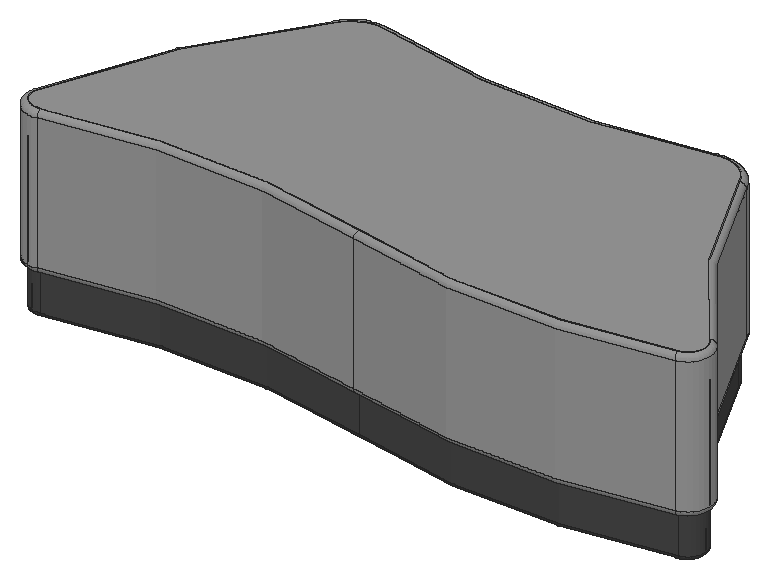
Revit family "16JS Creator Trapezoid Bench", category Generic Models, Revit 2018
Family settings
  Can host rebar = No
  Round Connector Dimension = Use Diameter
  Part Type = Normal
  Work Plane-Based = No
  Always vertical = Yes
  Cut with Voids When Loaded = No
  Shared = No
  Room Calculation Point = No
Parameters
  Fabric = 16JS Creator Trapezoid Fabric
Reference planes (in)
  plane 1 "Center (Front/Back)": y = 0
  plane 2: z = 0
  plane 3 "Center (Left/Right)": x = 0
Forms (in)
  Extrusion 1, solid, material "16JS Creator Trapezoid Fabric" <- "Fabric"
    sketch origin (0, 0, 0) x (1, 0, 0) y (0, 1, 0)
      loop
        arc (-18.34093, 14.63588) -> (-24.32295, 5.16294) -> (-28.33638, -5.29716) r 56.99701
        arc (-28.33638, -5.29716) -> (-27.9615, -6.74182) -> (-26.52438, -7.14461) r 1.49712
        arc (-26.52438, -7.14461) -> (-13.01097, -5.36703) -> (0.54415, -6.79199) r 58.00276
        arc (0.54415, -6.79199) -> (14.06706, -8.18924) -> (27.5362, -6.34428) r 56.99701
        arc (27.5362, -6.34428) -> (28.59987, -5.2973) -> (28.23013, -3.85132) r 1.49712
        arc (28.23013, -3.85132) -> (21.38935, 4.64274) -> (16.25956, 14.26721) r 58.00276
        arc (16.25956, 14.26721) -> (14.75537, 15.87321) -> (12.56682, 16.10131) r 3.14711
        arc (12.56682, 16.10131) -> (-1.26789, 14.25496) -> (-15.14313, 15.76698) r 58.00276
        arc (-15.14313, 15.76698) -> (-16.90745, 15.66911) -> (-18.34093, 14.63588) r 3.14711
    from 4 to 16.5
  Sweep 2, solid, material "16JS Creator Trapezoid Fabric" <- "Fabric"
    path origin (0, 0, 0) x (1, 0, 0) y (0, 1, 0)
      loop
        arc (12.56682, 16.10131) -> (-1.26789, 14.25496) -> (-15.14313, 15.76698) r 58.00276
        arc (-15.14313, 15.76698) -> (-16.90745, 15.66911) -> (-18.34093, 14.63588) r 3.14711
        arc (-18.34093, 14.63588) -> (-24.32295, 5.16294) -> (-28.33638, -5.29716) r 56.99701
        arc (-28.33638, -5.29716) -> (-27.9615, -6.74182) -> (-26.52438, -7.14461) r 1.49712
        arc (-26.52438, -7.14461) -> (-13.01097, -5.36703) -> (0.54415, -6.79199) r 58.00276
        arc (0.54415, -6.79199) -> (14.06706, -8.18924) -> (27.5362, -6.34428) r 56.99701
        arc (27.5362, -6.34428) -> (28.59987, -5.2973) -> (28.23013, -3.85132) r 1.49712
        arc (28.23013, -3.85132) -> (21.38935, 4.64274) -> (16.25956, 14.26721) r 58.00276
        arc (16.25956, 14.26721) -> (14.75537, 15.87321) -> (12.56682, 16.10131) r 3.14711
    profile origin (-1.26789, 14.25496, 0) x (0.012065, -0.999927, 0) y (0, 0, 1)
      loop
        line (0, 4) -> (0, 16.5)
        arc (0, 16.5) -> (-0.35355, 16.35355) -> (-0.5, 16) r 0.5
        line (-0.5, 16) -> (-0.5, 4.5)
        arc (-0.5, 4.5) -> (-0.35355, 4.14645) -> (0, 4) r 0.5
  Extrusion 3, solid, material "16JS Frame"
    sketch origin (0, 0, 0) x (1, 0, 0) y (0, 1, 0)
      loop
        arc (-15.19991, 15.52351) -> (-16.82408, 15.43342) -> (-18.14369, 14.48227) r 2.89711
        arc (-18.14369, 14.48227) -> (-24.09948, 5.05087) -> (-28.0953, -5.36335) r 56.74701
        arc (-28.0953, -5.36335) -> (-27.78302, -6.56676) -> (-26.58588, -6.90229) r 1.24712
        arc (-26.58588, -6.90229) -> (-13.01423, -5.11705) -> (0.59932, -6.54815) r 58.25276
        arc (0.59932, -6.54815) -> (14.06292, -7.93927) -> (27.47298, -6.10241) r 56.74701
        arc (27.47298, -6.10241) -> (28.35902, -5.23026) -> (28.05103, -4.02574) r 1.24712
        arc (28.05103, -4.02574) -> (21.18076, 4.50493) -> (16.02886, 14.17088) r 58.25276
        arc (16.02886, 14.17088) -> (14.64416, 15.6493) -> (12.62947, 15.85929) r 2.89711
        arc (12.62947, 15.85929) -> (-1.26487, 14.00498) -> (-15.19991, 15.52351) r 58.25276
    from 0.5 to 4
  Sweep 4, solid, material "16JS Frame"
    path origin (0, 0, 0) x (1, 0, 0) y (0, 1, 0)
      loop
        arc (12.62947, 15.85929) -> (-1.26487, 14.00498) -> (-15.19991, 15.52351) r 58.25276
        arc (-15.19991, 15.52351) -> (-16.82408, 15.43342) -> (-18.14369, 14.48227) r 2.89711
        arc (-18.14369, 14.48227) -> (-24.09948, 5.05087) -> (-28.0953, -5.36335) r 56.74701
        arc (-28.0953, -5.36335) -> (-27.78302, -6.56676) -> (-26.58588, -6.90229) r 1.24712
        arc (-26.58588, -6.90229) -> (-13.01423, -5.11705) -> (0.59932, -6.54815) r 58.25276
        arc (0.59932, -6.54815) -> (14.06292, -7.93927) -> (27.47298, -6.10241) r 56.74701
        arc (27.47298, -6.10241) -> (28.35902, -5.23026) -> (28.05103, -4.02574) r 1.24712
        arc (28.05103, -4.02574) -> (21.18076, 4.50493) -> (16.02886, 14.17088) r 58.25276
        arc (16.02886, 14.17088) -> (14.64416, 15.6493) -> (12.62947, 15.85929) r 2.89711
    profile origin (-1.26487, 14.00498, 0) x (0.012065, -0.999927, 0) y (0, 0, 1)
      loop
        line (0, 0.5) -> (0, 4) -> (-0.25, 4) -> (-0.25, 0.75)
        arc (-0.25, 0.75) -> (-0.17678, 0.57322) -> (0, 0.5) r 0.25
  Revolve 5, solid, material "16JS Gliders"
    sketch origin (0, -4.9986, 0) x (1, 0, 0) y (0, 0, 1)
      loop
        line (-26.17344, 0.5) -> (-26.17344, 0) -> (-26.04844, 0)
        arc (-26.04844, 0) -> (-25.87166, 0.07322) -> (-25.79844, 0.25) r 0.25
        line (-25.79844, 0.25) -> (-25.79844, 0.5) -> (-26.17344, 0.5)
      axis (-26.17344, 0) -> (-26.17344, 0.5)
    angle from 0 to 360
  Revolve 6, solid, material "16JS Gliders"
    sketch origin (9.93292, 13.78359, 0) x (1, 0, 0) y (0, 0, 1)
      loop
        line (-26.17344, 0.5) -> (-26.17344, 0) -> (-26.04844, 0)
        arc (-26.04844, 0) -> (-25.87166, 0.07322) -> (-25.79844, 0.25) r 0.25
        line (-25.79844, 0.25) -> (-25.79844, 0.5) -> (-26.17344, 0.5)
      axis (-26.17344, 0) -> (-26.17344, 0.5)
    angle from 0 to 360
  Revolve 7, solid, material "16JS Gliders"
    sketch origin (40.03915, 14.08198, 0) x (1, 0, 0) y (0, 0, 1)
      loop
        line (-26.17344, 0.5) -> (-26.17344, 0) -> (-26.04844, 0)
        arc (-26.04844, 0) -> (-25.87166, 0.07322) -> (-25.79844, 0.25) r 0.25
        line (-25.79844, 0.25) -> (-25.79844, 0.5) -> (-26.17344, 0.5)
      axis (-26.17344, 0) -> (-26.17344, 0.5)
    angle from 0 to 360
  Revolve 8, solid, material "16JS Gliders"
    sketch origin (52.36961, -4.6204, 0) x (1, 0, 0) y (0, 0, 1)
      loop
        line (-26.17344, 0.5) -> (-26.17344, 0) -> (-26.04844, 0)
        arc (-26.04844, 0) -> (-25.87166, 0.07322) -> (-25.79844, 0.25) r 0.25
        line (-25.79844, 0.25) -> (-25.79844, 0.5) -> (-26.17344, 0.5)
      axis (-26.17344, 0) -> (-26.17344, 0.5)
    angle from 0 to 360
Dimensions and locks (in)
  aligned and locked: plane 2 to level
